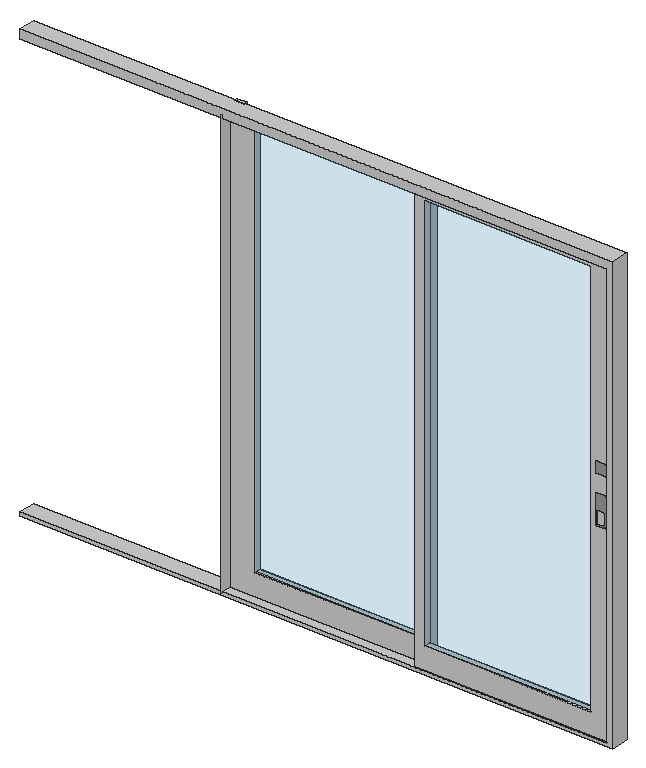
Revit family "Door-Slider-Pocket-Fleetwood-3070-PXX", category Doors, host Wall, Revit 2013
Parameters (values of type "Archetype Hardware - 3.5" Sightline Extender")
  Wall_Thickness [instance] = 12"
  URL = "www.fleetwoodusa.com"
  Thickness = 3.816"  # constant formula
  Shim_Space = 0.25"
  Rough Width = Width + 0.25" + Shim_Space  # 131"
  Rough Height = Height + Shim_Space  # 96.25"
  Pocket_Width = (roundup(((if(not(Panel_Width_1 < Panel_Width_2), Panel_Width_1, Panel_Width_2) + 2.25") * 4) / 1") * 1") / 4  # 46.75"
  Panel_Width_2 = if(Equal_Centerlines, ((Daylight_Opening / 2) + 3.111"), if(Equal Glass Sizes, (((Daylight_Opening - 7.7655") / 2) + 6.273"), Daylight_Opening - Custom_CL_1 + 3.111"))  # 44.39025"
  Panel_Width_1 = if(Equal_Centerlines, ((Daylight_Opening / 2) + 0.0645"), if(Equal Glass Sizes, (((Daylight_Opening - 7.7655") / 2) + 4.668"), Custom_CL_1 + 0.0645"))  # 42.78525"
  Model = "3070"
  Manufacturer = "Fleetwood Windows and Doors"
  Interior Wrap Overhang = 0.375"
  Hardware = Stainless Steel, Brushed
  Glazing = Glass
  Frame_&_Panel = Aluminum, Anodized Clear
  Equal_Centerlines = no
  Equal Glass Sizes = if(or(Equal_Centerlines, Custom_Centerlines), 1 > 2, 1 < 2)  # yes
  Daylight_Opening = 84"
  Exterior Wrap Overhang = 0.5"
  Frame_Set_Back [instance] = (Wall_Thickness - Thickness) / 2  # 4.092"
  Function = Exterior
  Height = 96"
  Wall Closure = By host
  Width = Daylight_Opening + Pocket_Width - 0.25"  # 130.5"
  Custom_Centerlines = if(Custom_CL_1 > 6", 1 < 2, 1 > 2)  # no
  Custom_CL_1 = 0"
  Configuration = "PXX"
  Analytic Construction = "<None>"
  Actuator_Height = 53.75"
Reference planes (in)
  plane 1 "Center (Front/Back)": y = 0
  plane 2 "Center (Left/Right)": x = -24
  plane 3 "Right": x = 18.25
  plane 4 "Top": z = 96.25
  plane 5 "Exterior": y = 6
  plane 6 "Interior": y = -6
  plane 7 "Exterior Wrap Depth": y = 1.908
  plane 8 "Right Frame": x = 18
  plane 9 "Exerier Wrap Left": x = -66
  plane 10 "Exterior Wrap Right": x = 17.5
  plane 11 "Exterior Wrap Top": z = 95.75
  plane 12 "Interior Wrap Right": x = 17.875
  plane 13 "Interior Wrap Top": z = 95.875
  plane 14 "Frame Top": z = 96
  plane 15: z = 0.302
  plane 16: y = 10
  plane 17: x = -112.75
  plane 18: z = 94.074
  plane 19: x = 16.657
  plane 20: z = 0.71
  plane 21: x = -112.5
  plane 22: x = 17.02747
  plane 23: z = 94.7725
  plane 24 "pocket_closer": x = -68.074
  plane 25: y = 0.954
  plane 26: y = -0.954
  plane 27: y = 0.954
Forms (in)
  Extrusion 1, void
    sketch origin (0, 0, 0) x (1, 0, 0) y (0, 1, 0)
      loop
        line (-66, 6) -> (-66, 1.908) -> (17.5, 1.908) -> (17.5, 6) -> (-66, 6)
    from 0 to 95.75
  Extrusion 2, void
    sketch origin (0, 0, 0) x (1, 0, 0) y (0, 1, 0)
      loop
        line (-66, 1.908) -> (-66, -1.908) -> (18.25, -1.908) -> (18.25, 1.908) -> (-66, 1.908)
    from 0 to 96.25
  Extrusion 3, void
    sketch origin (0, 0, 0) x (1, 0, 0) y (0, 1, 0)
      loop
        line (-66, -1.908) -> (-66, -6) -> (17.875, -6) -> (17.875, -1.908) -> (-66, -1.908)
    from 0 to 95.875
  Extrusion 4, void
    sketch origin (0, 0, 0) x (1, 0, 0) y (0, 1, 0)
      loop
        line (-112.75, 2.283) -> (-112.75, -2.283) -> (-66, -2.283) -> (-66, 2.283) -> (-112.75, 2.283)
    from 0 to 96.25
  Extrusion 5, solid, material "Aluminum, Anodized Clear" <- "Frame_&_Panel"
    sketch origin (0, 1.908, 0) x (1, 0, 0) y (0, 0, 1)
      loop
        line (-112.5, 94.074) -> (16.657, 94.074) -> (16.657, 0.71) -> (-112.5, 0.71) -> (-112.5, 0) -> (18, 0) -> (18, 96) -> (-112.5, 96) -> (-112.5, 94.074)
    from 0 to 3.816
  Extrusion 6, solid, material "Aluminum, Anodized Clear" <- "Frame_&_Panel"
    sketch origin (0, 0, 0) x (1, 0, 0) y (0, 1, 0)
      loop
        line (-68.074, 2.30404) -> (-68.074, 1.66884) -> (-66, 1.66884) -> (-66, 2.30404) -> (-68.074, 2.30404)
    from 0 to 96
  Extrusion 7, solid, material "Aluminum, Anodized Clear" <- "Frame_&_Panel"
    sketch origin (-68.074, 14.0328, 48) x (0, 1, 0) y (0, 0, 1)
      loop
        line (-12.36395, 46.7725) -> (-16.1283, 46.7725) -> (-16.1283, -47.698) -> (-12.36395, -47.698) -> (-12.36395, 46.7725)
    from 0 to -0.0625
Lines and regions (in)
  symbolic lines, not visible
    curve 1: line (-41.80247, 12.37674, 0) -> (-29.80247, 12.37674, 0)
    curve 2: line (-33.80247, 10.37674, 0) -> (-29.80247, 12.37674, 0)
    curve 3: line (-33.80247, 14.37674, 0) -> (-29.80247, 12.37674, 0)
Text (in)
  text "Exterior" at (-132.91204, 28.8494, 0), in view "Ref. Level"
  text "Interior" at (-132.91204, -21.81055, 0), in view "Ref. Level"
  text "Exterior" at (0, 40.15149, 123.01588), in view "Right"
  text "Interior" at (0, -64.39139, 123.01588), in view "Right"
  text "Interior" at (0, -31.01599, 123.00693), in view "Left"
  text "Exterior" at (0, 54.57065, 123.00693), in view "Left"
Dimensions and locks (in)
  "Frame_Set_Back": plane 7 "Exterior Wrap Depth" to plane 5 "Exterior"
  "Exterior Wrap Overhang": plane 10 "Exterior Wrap Right" to plane 8 "Right Frame"
  "Exterior Wrap Overhang": plane 11 "Exterior Wrap Top" to plane 4 "Top"
  "Interior Wrap Overhang": plane 12 "Interior Wrap Right" to plane 3 "Right"
  "Interior Wrap Overhang": plane 13 "Interior Wrap Top" to plane 4 "Top"
  "Rough Height": level to plane 4 "Top"
  "Height": level to plane 14 "Frame Top"
  "Wall_Thickness": host wall to host wall
  locked: level to plane 15 at 0.302
  locked: plane 5 "Exterior" to plane 16 at 4
  "Daylight_Opening": plane 9 "Exerier Wrap Left" to plane 8 "Right Frame"
  "Shim_Space": plane 8 "Right Frame" to plane 3 "Right"
  locked: plane 7 "Exterior Wrap Depth" to Extrusion 4 sketch curve at 0.375
  "Pocket_Width": plane 17 to plane 9 "Exerier Wrap Left"
  locked: plane 18 to plane 14 "Frame Top" at 1.926
  locked: plane 19 to plane 8 "Right Frame" at 1.343
  locked: level to plane 20 at 0.71
  locked: plane 17 to plane 21 at 0.25
  locked: plane 22 to plane 8 "Right Frame" at 0.97253
  locked: plane 23 to plane 14 "Frame Top" at 1.2275
  locked: plane 24 "pocket_closer" to plane 9 "Exerier Wrap Left" at 2.074
  locked: plane 25 to plane 7 "Exterior Wrap Depth" at 0.954
  locked: plane 26 to plane 27 at 1.908
  equal spacing: plane 9 "Exerier Wrap Left", plane 2 "Center (Left/Right)", plane 8 "Right Frame"
  locked: Extrusion 6 sketch curve to Extrusion 6 sketch curve at 0.6352
  aligned and locked: plane 5 "Exterior" to host wall
  aligned and locked: host wall to plane 6 "Interior"
  aligned and locked: Extrusion 1 sketch curve to plane 7 "Exterior Wrap Depth"
  aligned and locked: plane 5 "Exterior" to Extrusion 1 sketch curve
  aligned and locked: plane 9 "Exerier Wrap Left" to Extrusion 1 sketch curve
  aligned and locked: plane 10 "Exterior Wrap Right" to Extrusion 1 sketch curve
  aligned and locked: Extrusion 1 to plane 11 "Exterior Wrap Top"
  aligned and locked: plane 3 "Right" to Extrusion 2 sketch curve
  aligned and locked: Extrusion 2 sketch curve to plane 7 "Exterior Wrap Depth"
  aligned and locked: Extrusion 2 to plane 4 "Top"
  aligned and locked: plane 12 "Interior Wrap Right" to Extrusion 3 sketch curve
  aligned and locked: Extrusion 3 sketch curve to plane 6 "Interior"
  aligned and locked: Extrusion 3 to plane 13 "Interior Wrap Top"
  aligned and locked: Extrusion 2 to plane 9 "Exerier Wrap Left"
  aligned and locked: Extrusion 4 sketch curve to plane 9 "Exerier Wrap Left"
  aligned and locked: Extrusion 4 to plane 4 "Top"
  aligned and locked: plane 17 to Extrusion 4
  aligned and locked: Extrusion 5 sketch curve to plane 21  (x2)
  aligned and locked: plane 8 "Right Frame" to Extrusion 5 sketch curve
  aligned and locked: level to Extrusion 5 sketch curve
  aligned and locked: Extrusion 5 sketch curve to plane 20
  aligned and locked: Extrusion 5 sketch curve to plane 19
  aligned and locked: plane 14 "Frame Top" to Extrusion 5 sketch curve
  aligned and locked: Extrusion 5 sketch curve to plane 18
  aligned and locked: nested 2 to plane 25
  aligned and locked: plane 24 "pocket_closer" to nested 2
  aligned and locked: plane 22 to nested 1
  aligned and locked: nested 1 to nested 3
  aligned and locked: nested 2 to nested 4
  aligned and locked: plane 23 to nested 1
  aligned and locked: plane 23 to nested 2
  aligned and locked: Extrusion 6 sketch curve to plane 9 "Exerier Wrap Left"
  aligned and locked: plane 24 "pocket_closer" to Extrusion 6 sketch curve
  aligned and locked: Extrusion 6 sketch curve to nested 2
  aligned and locked: Extrusion 6 to plane 14 "Frame Top"
  aligned and locked: Extrusion 7 sketch curve to plane 15
  aligned and locked: Extrusion 6 to Extrusion 7 sketch curve
  aligned and locked: Extrusion 7 sketch curve to plane 23
  aligned and locked: nested 1 to plane 26
Automatic sketch dimensions
  Extrusion 2 sketch curve to plane 9 "Exerier Wrap Left" = 0"
  Extrusion 3 sketch curve to plane 9 "Exerier Wrap Left" = 0"
  Extrusion 4 sketch curve to plane 9 "Exerier Wrap Left" = 46.75"
  Extrusion 2 sketch curve to plane 26 = 0.954"
  Extrusion 3 sketch curve to plane 26 = 0.954"
  Extrusion 4 sketch curve to plane 26 = 1.329"
  Extrusion 7 sketch curve to plane 26 = 1.1415"
Nested families (in)
  nested 1: "3070_EX_Panel" at (-6.97253, -0.954, 0.302), Panel_Finish <- "Frame_&_Panel", Hardware_Finish <- "Hardware", Glazing_Material <- "Glazing", Actuator_Height <- "Actuator_Height", Panel_Width <- "Panel_Width_1", type "Active Lead Panel Left Archetype"
    with Panel_Width 42.78525", Panel_Height 94.4705", Panel_Finish Aluminum, Anodized Clear, Hardware_Finish Stainless Steel, Brushed, Glazing_Material Glass, Glass_Width 36.74245", Actuator_Height 53.75"
  nested 2: "3070_EX_Panel" at (-47.68375, 0.954, 0.302), Panel_Finish <- "Frame_&_Panel", Hardware_Finish <- "Hardware", Glazing_Material <- "Glazing", Actuator_Height <- "Actuator_Height", Panel_Width <- "Panel_Width_2", type "Pocket Panel 3.5" Sightline Extender"
    with Panel_Width 44.39025", Panel_Height 94.4705", Panel_Finish Aluminum, Anodized Clear, Hardware_Finish Stainless Steel, Brushed, Glazing_Material Glass, Glass_Width 36.74205", Actuator_Height 53.75"
  nested 3: "Arrow" at (-4.36516, 10, 0) x (-1, 0, 0) z (0, 0, 1), type "Arrow"
  nested 4: "Arrow" at (-45.87888, 10, 0) x (-1, 0, 0) z (0, 0, 1), type "Arrow"
Definition of nested family "3070_EX_Panel"
  Parameters (values of type "Pocket Panel 3.5"SL Right Archetype Narrow")
    Top_Rail = if(Bottom_Rail_As_Top, 5.14844", 1.46094")  # 1.46094"
    Stile_Condition = 6
    Sightline_Extender_Condition = 0
    Right_Stile = if(or(Archetype_Stile, Archetype_Inactive_Panel), 3.9688", if(or(Archetype_Narrow_Inactive_Panel, Archetype_Narrow_Stile), 2.9102", if(Narrow_Fixed_Stile, 1.0195", if(Stile_Condition = 10, 5.464", 2.074"))))  # 2.9102"
    Panel_Width [instance] = 48"
    Panel_Height [instance] = 84"
    Panel_Finish [instance] = none
    Narrow_Fixed_Stile = Stile_Condition = 3  # no
    Model = ""
    Manufacturer = "Fleetwood Windows And Doors"
    Left_Stile = if([1_Sightline_Extender], 3.0742", if([2.5_Sightline_Extender], 4.5742", if([3.5_Sightline_Extender], 5.5742", 2.074")))  # 5.5742"
    Hardware_Finish [instance] = none
    Glass_Width [instance] = Panel_Width - (Right_Stile + Left_Stile)  # 39.5156"
    Double_Arrow = no
    Arrow = yes
    Archetype_Narrow_Inactive_Panel = Stile_Condition = 9  # no
    Archetype_Narrow_Hardware_L = Stile_Condition = 7  # no
    Archetype_Narrow_Hardware = yes
    Archetype_Inactive_Panel = Stile_Condition = 8  # no
    Archetype_Flush_Pulls = no
    Glazing_Material [instance] = none
    Glass_Thickness = 1"
    Description = ""
    Bottom_Rail_As_Top = no
    Bottom_Rail = 5.14844"  # constant formula
    Archetype_Narrow_Stile = or(Stile_Condition = 2, Stile_Condition = 6, Stile_Condition = 7, Stile_Condition = 9)  # yes
    Archetype_Stile = or(Stile_Condition = 1, Stile_Condition = 4, Stile_Condition = 5, Stile_Condition = 8)  # no
    Archetype_Narrow_Hardware_R = Stile_Condition = 6  # yes
    Archetype_Hardware_Right = Stile_Condition = 5  # no
    Archetype_Hardware_Left = Stile_Condition = 4  # no
    Archetype_Actuator = or(Archetype_Hardware_Right, Archetype_Hardware_Left)  # no
    Actuator_Height [instance] = 53.75"
    3.5_Sightline_Extender = yes
    2.5_Sightline_Extender = no
    1_Sightline_Extender = no
  Types (26): name | Stile_Condition | Sightline_Extender_Condition | Right_Stile | Narrow_Fixed_Stile | Left_Stile | Glass_Width | Double_Arrow | Arrow | Archetype_Narrow_Inactive_Panel | Archetype_Narrow_Hardware_L | Archetype_Narrow_Hardware | Archetype_Inactive_Panel | Archetype_Flush_Pulls | Description | Archetype_Narrow_Stile | Archetype_Stile | Archetype_Narrow_Hardware_R | Archetype_Hardware_Right | Archetype_Hardware_Left | Archetype_Actuator | Actuator_Height | 3.5_Sightline_Extender | 2.5_Sightline_Extender | 1_Sightline_Extender
    Sliding Panel  Interlock and Interlock | 0 | 0 | 2.074" | no | 2.074" | 43.852" | yes | yes | no | no | no | no | no | "" | no | no | no | no | no | no | 53.75" | no | no | no
    Pocket Panel 1" Sightline Extender | 0 | 1 | 2.074" | no | 3.0742" | 42.8518" | no | yes | no | no | no | no | no | "" | no | no | no | no | no | no | 53.75" | no | no | yes
    Pocket Panel 2.5" Sightline Extender | 0 | 2 | 2.074" | no | 4.5742" | 41.3518" | no | yes | no | no | no | no | no | "" | no | no | no | no | no | no | 53.75" | no | yes | no
    Pocket Panel 3.5" Sightline Extender | 0 | 3 | 2.074" | no | 5.5742" | 40.3518" | no | yes | no | no | no | no | no | "" | no | no | no | no | no | no | 53.75" | yes | no | no
    Active Lead Panel Right Archetype | 5 | 0 | 3.9688" | no | 2.074" | 41.9572" | no | yes | no | no | no | no | yes | "Fleetwood Sliding Door Panel" | no | yes | no | yes | no | yes | 53.9375" | no | no | no
    Active Lead Panel Right Archetype Narrow | 6 | 0 | 2.9102" | no | 2.074" | 43.0158" | no | yes | no | no | yes | no | no | "" | yes | no | yes | no | no | no | 53.75" | no | no | no
    Fixed Panel Narrow Fixed Stile | 3 | 0 | 1.0195" | yes | 2.074" | 44.9065" | no | no | no | no | no | no | no | "" | no | no | no | no | no | no | 53.75" | no | no | no
    Fixed Panel Archetype Narrow Stile | 2 | 0 | 2.9102" | no | 2.074" | 43.0158" | no | no | no | no | no | no | no | "" | yes | no | no | no | no | no | 53.75" | no | no | no
    Fixed Panel Archetype Stile | 1 | 0 | 3.9688" | no | 2.074" | 41.9572" | no | no | no | no | no | no | no | "" | no | yes | no | no | no | no | 53.75" | no | no | no
    Active Lead Panel Left Archetype | 4 | 0 | 3.9688" | no | 2.074" | 41.9572" | no | yes | no | no | no | no | yes | "" | no | yes | no | no | yes | yes | 53.9375" | no | no | no
    Active Lead Panel Left Archetype Narrow | 7 | 0 | 2.9102" | no | 2.074" | 43.0158" | no | yes | no | yes | yes | no | no | "" | yes | no | no | no | no | no | 53.75" | no | no | no
    Archetype_Inactive_Panel | 8 | 0 | 3.9688" | no | 2.074" | 41.9572" | no | yes | no | no | no | yes | yes | "" | no | yes | no | no | no | no | 53.75" | no | no | no
    Archetype_Narrow_Inactive_Panel | 9 | 0 | 2.9102" | no | 2.074" | 43.0158" | no | yes | yes | no | yes | no | no | "" | yes | no | no | no | no | no | 53.75" | no | no | no
    Archetype_90_Degree_Stile | 10 | 0 | 5.464" | no | 2.074" | 40.462" | no | yes | no | no | no | no | yes | "" | no | no | no | no | no | no | 53.75" | no | no | no
    Pocket_Panel_1"SL_Left_Archetype | 4 | 0 | 3.9688" | no | 3.0742" | 40.957" | no | yes | no | no | no | no | yes | "" | no | yes | no | no | yes | yes | 53.9375" | no | no | yes
    Pocket_Panel_2.5"SL_Left Archetype | 4 | 0 | 3.9688" | no | 4.5742" | 39.457" | no | yes | no | no | no | no | yes | "" | no | yes | no | no | yes | yes | 53.9375" | no | yes | no
    Pocket_Panel_3.5"SL_Left_Archetype | 4 | 0 | 3.9688" | no | 5.5742" | 38.457" | no | yes | no | no | no | no | yes | "" | no | yes | no | no | yes | yes | 53.9375" | yes | no | no
    Pocket_Panel 1"SL Left Archetype Narrow | 7 | 0 | 2.9102" | no | 3.0742" | 42.0156" | no | yes | no | yes | yes | no | no | "" | yes | no | no | no | no | no | 53.75" | no | no | yes
    Pocket_Panel_2.5"SL Left Archetype Narrow | 7 | 0 | 2.9102" | no | 4.5742" | 40.5156" | no | yes | no | yes | yes | no | no | "" | yes | no | no | no | no | no | 53.75" | no | yes | no
    Pocket_Panel_3.5"SL Left Archetype Narrow | 7 | 0 | 2.9102" | no | 5.5742" | 39.5156" | no | yes | no | yes | yes | no | no | "" | yes | no | no | no | no | no | 53.75" | yes | no | no
    Pocket Panel 1"SL Right Archetype | 5 | 0 | 3.9688" | no | 3.0742" | 40.957" | no | yes | no | no | no | no | yes | "Fleetwood Sliding Door Panel" | no | yes | no | yes | no | yes | 53.9375" | no | no | yes
    Pocket Panel 2.5"SL Right Archetype | 5 | 0 | 3.9688" | no | 4.5742" | 39.457" | no | yes | no | no | no | no | yes | "Fleetwood Sliding Door Panel" | no | yes | no | yes | no | yes | 53.9375" | no | yes | no
    Pocket Panel 3.5 SL Right Archetype | 5 | 0 | 3.9688" | no | 5.5742" | 38.457" | no | yes | no | no | no | no | yes | "Fleetwood Sliding Door Panel" | no | yes | no | yes | no | yes | 53.9375" | yes | no | no
    Pocket Panel 1"SL Right Archetype Narrow | 6 | 0 | 2.9102" | no | 3.0742" | 42.0156" | no | yes | no | no | yes | no | no | "" | yes | no | yes | no | no | no | 53.75" | no | no | yes
    Pocket Panel 2.5" SL Right Archetype Narrow | 6 | 0 | 2.9102" | no | 4.5742" | 40.5156" | no | yes | no | no | yes | no | no | "" | yes | no | yes | no | no | no | 53.75" | no | yes | no
    Pocket Panel 3.5"SL Right Archetype Narrow | 6 | 0 | 2.9102" | no | 5.5742" | 39.5156" | no | yes | no | no | yes | no | no | "" | yes | no | yes | no | no | no | 53.75" | yes | no | no
  Reference planes (in)
    plane 1 "Center (Front/Back)": y = 0
    plane 2: z = 0
    plane 3 "Center (Left/Right)": x = 0
    plane 4: y = -0.71484
    plane 5: y = 0.71484
    plane 6: x = -24
    plane 7: x = 24
    plane 8: z = 84
    plane 9: z = 5.14844
    plane 10: z = 82.53906
    plane 11: x = 21.0898
    plane 12: x = -18.4258
    plane 13: y = 0.5
    plane 14: y = -0.5
    plane 15: z = 53.75
    plane 16: x = 23.3198
    plane 17: y = 0
    plane 18: x = 22.74609
    plane 19: x = -22.96289
    plane 20: z = 42
    plane 21: x = -6
    plane 22: x = 6
    plane 23: x = -2
    plane 24: x = 2
  Forms (in)
    Extrusion 1, solid, material <- "Panel_Finish"
      sketch origin (0, 0, 0) x (1, 0, 0) y (0, 0, 1)
        loop
          line (24, 84) -> (-24, 84) -> (-24, 0) -> (24, 0) -> (24, 84)
        loop
          line (-18.4258, 5.14844) -> (21.0898, 5.14844) -> (21.0898, 82.53906) -> (-18.4258, 82.53906) -> (-18.4258, 5.14844)
      from -0.71484 to 0.71484
    Extrusion 2, solid, material <- "Glazing_Material"
      sketch origin (0, 0, 0) x (1, 0, 0) y (0, 0, 1)
        loop
          line (-18.4258, 82.53906) -> (-18.4258, 5.14844) -> (21.0898, 5.14844) -> (21.0898, 82.53906) -> (-18.4258, 82.53906)
      from -0.5 to 0.5
  Lines and regions (in)
    Masking region 1
      outline origin (0, 0, 0) x (1, 0, 0) y (0, 1, 0)
        loop
          line (-24, 0.71484) -> (-24, -0.71484) -> (24, -0.71484) -> (24, 0.71484) -> (-24, 0.71484)
    symbolic lines, visible <- "Arrow"
      curve 1: line (6, -0.71484, 42) -> (-6, -0.71484, 42)
      curve 2: line (-2, -0.71484, 40) -> (-6, -0.71484, 42)
      curve 3: line (-2, -0.71484, 44) -> (-6, -0.71484, 42)
    symbolic lines, visible <- "Double_Arrow"
      curve 4: line (2, -0.71484, 40) -> (6, -0.71484, 42)
      curve 5: line (2, -0.71484, 44) -> (6, -0.71484, 42)
  Dimensions and locks (in)
    equal spacing: plane 4, plane 1 "Center (Front/Back)", plane 5
    locked: plane 4 to plane 5 at 1.42969
    equal spacing: plane 6, plane 3 "Center (Left/Right)", plane 7
    "Panel_Width": plane 6 to plane 7
    "Panel_Height": plane 8 to plane 2
    "Bottom_Rail": plane 9 to level
    "Right_Stile": plane 7 to plane 11
    "Left_Stile": plane 12 to plane 6
    "Top_Rail": plane 8 to plane 10
    equal spacing: plane 14, plane 1 "Center (Front/Back)", plane 13
    "Glass_Thickness": plane 14 to plane 13
    "Actuator_Height": plane 15 to level
    locked: plane 18 to plane 7 at 1.25391
    locked: plane 6 to plane 19 at 1.03711
    equal spacing: plane 8, plane 20, level
    plane 22 to plane 3 "Center (Left/Right)" to plane 21 = 6" locked, 6" locked
    locked: plane 23 to plane 21 at 4
    locked: plane 22 to plane 24 at 4
    curve 3 to plane 20 to curve 2 = 2" locked, 2" locked
    locked: plane 15 to nested 1 at 5
    locked: plane 16 to plane 11 at 2.23
    aligned and locked: plane 2 to level
    aligned and locked: plane 8 to Extrusion 1 sketch curve
    aligned and locked: plane 7 to Extrusion 1 sketch curve
    aligned and locked: Extrusion 1 sketch curve to plane 2
    aligned and locked: Extrusion 1 sketch curve to plane 6
    aligned and locked: Extrusion 1 sketch curve to plane 12
    aligned and locked: plane 10 to Extrusion 1 sketch curve
    aligned and locked: plane 11 to Extrusion 1 sketch curve
    aligned and locked: Extrusion 1 sketch curve to plane 9
    aligned and locked: Extrusion 1 to plane 5
    aligned and locked: plane 4 to Extrusion 1
    aligned and locked: Extrusion 2 sketch curve to plane 10
    aligned and locked: plane 12 to Extrusion 2 sketch curve
    aligned and locked: plane 9 to Extrusion 2 sketch curve
    aligned and locked: Extrusion 2 sketch curve to plane 11
    aligned and locked: Extrusion 2 to plane 13
    aligned and locked: plane 14 to Extrusion 2
    aligned and locked: plane 1 "Center (Front/Back)" to nested 1
    aligned and locked: plane 16 to nested 1
    aligned and locked: plane 15 to nested 2
    aligned and locked: plane 18 to nested 2
    aligned and locked: plane 1 "Center (Front/Back)" to nested 2
    aligned and locked: plane 5 to Masking region 1 sketch curve
    aligned and locked: plane 6 to Masking region 1 sketch curve
    aligned and locked: Masking region 1 sketch curve to plane 4
    aligned and locked: Masking region 1 sketch curve to plane 7
    aligned and locked: plane 21 to curve 2
    aligned and locked: curve 1 to curve 2
    aligned and locked: plane 20 to curve 1
    aligned and locked: plane 24 to curve 5
    aligned and locked: plane 24 to curve 4
    aligned and locked: plane 22 to curve 5
    aligned and locked: nested 3 to plane 15
    aligned and locked: plane 16 to nested 3
    aligned and locked: nested 3 to plane 1 "Center (Front/Back)"
    aligned and locked: nested 4 to plane 1 "Center (Front/Back)"
    aligned and locked: nested 4 to plane 16
    aligned and locked: plane 15 to nested 4
  Automatic sketch dimensions
    curve 2 to plane 23 = 0"
    curve 3 to plane 23 = 0"
    curve 4 to plane 20 = 2"
    plane 20 to curve 5 = 2"
  Nested families (in)
    nested 1: "Archetype_Flush_Pulls" at (23.3198, 0, 42.25), Finish <- "Hardware_Finish", visible <- "Archetype_Flush_Pulls", type "Archetype_Flush_Pulls"
      with Finish none
    nested 2: "Archetype_Narrow_Hardware" at (22.74609, 0, 53.75), Finish <- "Hardware_Finish", Left <- "Archetype_Narrow_Hardware_L", visible <- "Archetype_Narrow_Hardware", Right <- "Archetype_Narrow_Hardware_R", type "Archetype_Narrow_Hardware", detail levels fine
      with Right yes, Pulls_Only no, Left no, Finish none
    nested 3: "Archetype_Actuator" at (23.3198, 0, 53.75) x (1, 0, 0) z (0, -1, 0), Finish <- "Hardware_Finish", visible <- "Archetype_Hardware_Left", type "Archetype_Actuator", detail levels fine
      with Finish none
    nested 4: "Archetype_Actuator" at (23.3198, 0, 53.75) x (1, 0, 0) z (0, 1, 0), Finish <- "Hardware_Finish", visible <- "Archetype_Hardware_Right", type "Archetype_Actuator", detail levels fine
      with Finish none
  Definition of nested family "Archetype_Flush_Pulls"
    Parameters (values of type "Archetype_Flush_Pulls")
      Finish [instance] = none
    Reference planes (in)
      plane 1 "Center (Front/Back)": y = 0
      plane 2: z = 0
      plane 3 "Center (Left/Right)": x = 0
      plane 4: z = 6.5
      plane 5: z = 0.27344
      plane 6: z = 3.07422
      plane 7: y = -0.80469
      plane 8: y = 0.80469
      plane 9: y = -0.80469
      plane 10: x = 1.1875
      plane 11: x = -1.1875
      plane 12: x = 0.91406
      plane 13: x = -0.91406
      plane 14 "ext": y = -0.80469
      plane 15 "int": y = 0.80469
      plane 16: z = 6.21875
      plane 17: z = 3.35547
    Forms (in)
      Extrusion 1, solid, material <- "Finish", detail levels fine
        sketch origin (0, 0, 0) x (1, 0, 0) y (0, 0, 1)
          loop
            arc (-0.9375, 6.5) -> (-1.11428, 6.42678) -> (-1.1875, 6.25) r 0.25
            line (-1.1875, 6.25) -> (-1.1875, 0.25)
            arc (-1.1875, 0.25) -> (-1.11428, 0.07322) -> (-0.9375, 0) r 0.25
            line (-0.9375, 0) -> (0.9375, 0)
            arc (0.9375, 0) -> (1.11428, 0.07322) -> (1.1875, 0.25) r 0.25
            line (1.1875, 0.25) -> (1.1875, 6.25)
            arc (1.1875, 6.25) -> (1.11428, 6.42678) -> (0.9375, 6.5) r 0.25
            line (0.9375, 6.5) -> (-0.9375, 6.5)
        from -0.80469 to 0.80469
      Extrusion 2, void
        sketch origin (0, -0.80469, 0) x (-1, 0, 0) y (0, 0, 1)
          loop
            line (0.78906, 3.07422) -> (-0.78906, 3.07422)
            arc (-0.78906, 3.07422) -> (-0.87745, 3.03761) -> (-0.91406, 2.94922) r 0.125
            line (-0.91406, 2.94922) -> (-0.91406, 0.39844)
            arc (-0.91406, 0.39844) -> (-0.87745, 0.31005) -> (-0.78906, 0.27344) r 0.125
            line (-0.78906, 0.27344) -> (0.78906, 0.27344)
            arc (0.78906, 0.27344) -> (0.87745, 0.31005) -> (0.91406, 0.39844) r 0.125
            line (0.91406, 0.39844) -> (0.91406, 2.94922)
            arc (0.91406, 2.94922) -> (0.87745, 3.03761) -> (0.78906, 3.07422) r 0.125
        from 0 to 1
      Extrusion 3, void
        sketch origin (0, 0.80469, 0) x (-1, 0, 0) y (0, 0, 1)
          loop
            arc (-0.78906, 6.21875) -> (-0.87745, 6.18214) -> (-0.91406, 6.09375) r 0.125
            line (-0.91406, 6.09375) -> (-0.91406, 3.48047)
            arc (-0.91406, 3.48047) -> (-0.87745, 3.39208) -> (-0.78906, 3.35547) r 0.125
            line (-0.78906, 3.35547) -> (0.78906, 3.35547)
            arc (0.78906, 3.35547) -> (0.87745, 3.39208) -> (0.91406, 3.48047) r 0.125
            line (0.91406, 3.48047) -> (0.91406, 6.09375)
            arc (0.91406, 6.09375) -> (0.87745, 6.18214) -> (0.78906, 6.21875) r 0.125
            line (0.78906, 6.21875) -> (-0.78906, 6.21875)
        from 0 to -1
    Cuts and joins
      Extrusion 2, Extrusion 3 cuts Extrusion 1
    Dimensions and locks (in)
      locked: plane 4 to level at 6.5
      locked: plane 11 to plane 10 at 2.375
      locked: plane 12 to plane 10 at 0.27344
      locked: plane 11 to plane 13 at 0.27344
      locked: plane 6 to plane 5 at 2.80078
      equal spacing: plane 15 "int", plane 1 "Center (Front/Back)", plane 14 "ext"
      locked: plane 15 "int" to plane 14 "ext" at 1.60938
      locked: plane 5 to level at 0.27344
      locked: plane 4 to plane 16 at 0.28125
      locked: plane 17 to plane 6 at 0.28125
      aligned and locked: plane 2 to level
      aligned and locked: Extrusion 2 sketch curve to plane 6
      aligned and locked: plane 12 to Extrusion 2 sketch curve
      aligned and locked: plane 5 to Extrusion 2 sketch curve
      aligned and locked: Extrusion 2 sketch curve to plane 13
      aligned and locked: plane 12 to Extrusion 3 sketch curve
      aligned and locked: Extrusion 3 sketch curve to plane 16
      aligned and locked: Extrusion 3 sketch curve to plane 13
      aligned and locked: plane 17 to Extrusion 3 sketch curve
    Automatic sketch dimensions
      plane 11 to Extrusion 1 sketch curve = 0"
      Extrusion 1 sketch curve to level = 0"
      Extrusion 1 sketch curve to plane 4 = 0"
      plane 10 to Extrusion 1 sketch curve = 0"
      Extrusion 1 sketch curve to plane 5 = 0.02344"
      plane 13 to Extrusion 1 sketch curve = 0.02344"
      Extrusion 1 sketch curve to plane 12 = 0.02344"  (x2)
      plane 12 to Extrusion 2 sketch curve = 0.125"  (x2)
      Extrusion 2 sketch curve to plane 13 = 0.125"  (x2)
      plane 12 to Extrusion 3 sketch curve = 0.125"  (x2)
      Extrusion 3 sketch curve to plane 13 = 0.125"  (x2)
  Definition of nested family "Archetype_Narrow_Hardware"
    Parameters (values of type "Archetype_Narrow_Hardware")
      Right [instance] = no
      Pulls_Only [instance] = if(or(Right, Left), 1 > 2, 1 < 2)  # yes
      Left [instance] = no
      Finish [instance] = none
    Reference planes (in)
      plane 1 "Center (Front/Back)": y = 0
      plane 2 "Actuator_Height": z = 0
      plane 3 "Center (Left/Right)": x = 0
      plane 4 "ext": y = 0.78906
      plane 5 "int": y = -0.78906
      plane 6: x = -0.6875
      plane 7: x = 0.6875
      plane 8: z = -1.75
      plane 9: z = 2.8125
      plane 10: z = 2.60547
      plane 11: x = 0.48047
      plane 12: x = -0.48047
      plane 13: z = -1.54297
      plane 14: z = 0.1875
      plane 15: z = -0.1875
      plane 16: z = 1.32031
      plane 17: z = 0
    Forms (in)
      Extrusion 1, solid, material <- "Finish", detail levels fine
        sketch origin (0, 0, 0) x (1, 0, 0) y (0, 0, 1)
          loop
            arc (-0.5625, 2.8125) -> (-0.65089, 2.77589) -> (-0.6875, 2.6875) r 0.125
            line (-0.6875, 2.6875) -> (-0.6875, -1.625)
            arc (-0.6875, -1.625) -> (-0.65089, -1.71339) -> (-0.5625, -1.75) r 0.125
            line (-0.5625, -1.75) -> (0.5625, -1.75)
            arc (0.5625, -1.75) -> (0.65089, -1.71339) -> (0.6875, -1.625) r 0.125
            line (0.6875, -1.625) -> (0.6875, 2.6875)
            arc (0.6875, 2.6875) -> (0.65089, 2.77589) -> (0.5625, 2.8125) r 0.125
            line (0.5625, 2.8125) -> (-0.5625, 2.8125)
        from -0.78906 to 0.78906
    Lines and regions (in)
      model lines, detail levels fine
        curve 1: line (0.5625, -0.78906, 2.8125) -> (-0.5625, -0.78906, 2.8125)
        curve 2: arc (0.6875, -0.78906, 2.6875) -> (0.65089, -0.78906, 2.77589) -> (0.5625, -0.78906, 2.8125) r 0.125
        curve 3: line (0.6875, -0.78906, -1.625) -> (0.6875, -0.78906, 2.6875)
        curve 4: arc (0.5625, -0.78906, -1.75) -> (0.65089, -0.78906, -1.71339) -> (0.6875, -0.78906, -1.625) r 0.125
        curve 5: line (-0.5625, -0.78906, -1.75) -> (0.5625, -0.78906, -1.75)
        curve 6: arc (-0.6875, -0.78906, -1.625) -> (-0.65089, -0.78906, -1.71339) -> (-0.5625, -0.78906, -1.75) r 0.125
        curve 7: line (-0.6875, -0.78906, 2.6875) -> (-0.6875, -0.78906, -1.625)
        curve 8: arc (-0.5625, -0.78906, 2.8125) -> (-0.65089, -0.78906, 2.77589) -> (-0.6875, -0.78906, 2.6875) r 0.125
        curve 9: line (-0.38672, -0.78906, 2.60547) -> (0.38672, -0.78906, 2.60547)
        curve 10: line (-0.48047, -0.78906, -1.44922) -> (-0.48047, -0.78906, 2.51172)
        curve 11: line (0.38672, -0.78906, -1.54297) -> (-0.38672, -0.78906, -1.54297)
        curve 12: line (0.48047, -0.78906, 2.51172) -> (0.48047, -0.78906, -1.44922)
        curve 13: arc (-0.48047, -0.78906, 2.51172) -> (-0.45301, -0.78906, 2.57801) -> (-0.38672, -0.78906, 2.60547) r 0.09375
        curve 14: arc (0.38672, -0.78906, 2.60547) -> (0.45301, -0.78906, 2.57801) -> (0.48047, -0.78906, 2.51172) r 0.09375
        curve 15: arc (0.48047, -0.78906, -1.44922) -> (0.45301, -0.78906, -1.51551) -> (0.38672, -0.78906, -1.54297) r 0.09375
        curve 16: arc (-0.38672, -0.78906, -1.54297) -> (-0.45301, -0.78906, -1.51551) -> (-0.48047, -0.78906, -1.44922) r 0.09375
        curve 17: line (0.5625, 0.78906, 2.8125) -> (-0.5625, 0.78906, 2.8125)
        curve 18: arc (0.6875, 0.78906, 2.6875) -> (0.65089, 0.78906, 2.77589) -> (0.5625, 0.78906, 2.8125) r 0.125
        curve 19: line (0.6875, 0.78906, -1.625) -> (0.6875, 0.78906, 2.6875)
        curve 20: arc (0.5625, 0.78906, -1.75) -> (0.65089, 0.78906, -1.71339) -> (0.6875, 0.78906, -1.625) r 0.125
        curve 21: line (-0.5625, 0.78906, -1.75) -> (0.5625, 0.78906, -1.75)
        curve 22: arc (-0.6875, 0.78906, -1.625) -> (-0.65089, 0.78906, -1.71339) -> (-0.5625, 0.78906, -1.75) r 0.125
        curve 23: line (-0.6875, 0.78906, 2.6875) -> (-0.6875, 0.78906, -1.625)
        curve 24: arc (-0.5625, 0.78906, 2.8125) -> (-0.65089, 0.78906, 2.77589) -> (-0.6875, 0.78906, 2.6875) r 0.125
        curve 25: line (-0.38672, 0.78906, 2.60547) -> (0.38672, 0.78906, 2.60547)
        curve 26: line (-0.48047, 0.78906, -1.44922) -> (-0.48047, 0.78906, 2.51172)
        curve 27: line (0.38672, 0.78906, -1.54297) -> (-0.38672, 0.78906, -1.54297)
        curve 28: line (0.48047, 0.78906, 2.51172) -> (0.48047, 0.78906, -1.44922)
        curve 29: arc (-0.48047, 0.78906, 2.51172) -> (-0.45301, 0.78906, 2.57801) -> (-0.38672, 0.78906, 2.60547) r 0.09375
        curve 30: arc (0.38672, 0.78906, 2.60547) -> (0.45301, 0.78906, 2.57801) -> (0.48047, 0.78906, 2.51172) r 0.09375
        curve 31: arc (0.48047, 0.78906, -1.44922) -> (0.45301, 0.78906, -1.51551) -> (0.38672, 0.78906, -1.54297) r 0.09375
        curve 32: arc (-0.38672, 0.78906, -1.54297) -> (-0.45301, 0.78906, -1.51551) -> (-0.48047, 0.78906, -1.44922) r 0.09375
      model lines, visible <- "Left", detail levels fine
        curve 33: line (0.48047, 0.78906, 1.32031) -> (-0.48047, 0.78906, 1.32031)
        curve 34: line (-0.48047, 0.78906, 0.1875) -> (0.48047, 0.78906, 0.1875)
        curve 35: line (0.48047, 0.78906, -0.1875) -> (-0.48047, 0.78906, -0.1875)
      model lines, visible <- "Right", detail levels fine
        curve 36: line (0.48047, -0.78906, 1.32031) -> (-0.48047, -0.78906, 1.32031)
        curve 37: line (-0.48047, -0.78906, 0.1875) -> (0.48047, -0.78906, 0.1875)
        curve 38: line (0.48047, -0.78906, -0.1875) -> (-0.48047, -0.78906, -0.1875)
    Dimensions and locks (in)
      equal spacing: plane 5 "int", plane 1 "Center (Front/Back)", plane 4 "ext"
      plane 5 "int" to plane 4 "ext" = 1.57812"
      equal spacing: plane 6, plane 3 "Center (Left/Right)", plane 7
      locked: plane 6 to plane 7 at 1.375
      locked: level to plane 8 at 1.75
      locked: plane 9 to level at 2.8125
      locked: plane 9 to plane 10 at 0.20703
      locked: plane 13 to plane 8 at 0.20703
      locked: plane 7 to plane 11 at 0.20703
      locked: plane 12 to plane 6 at 0.20703
      plane 15 to level to plane 14 to plane 16 = 0.1875" locked, 0.1875" locked, 1.13281" locked
      aligned and locked: plane 2 "Actuator_Height" to level
      aligned and locked: Extrusion 1 sketch curve to plane 9
      aligned and locked: Extrusion 1 sketch curve to plane 7
      aligned and locked: plane 6 to Extrusion 1 sketch curve
      aligned and locked: plane 8 to Extrusion 1 sketch curve
      aligned and locked: plane 5 "int" to Extrusion 1
      aligned and locked: Extrusion 1 to plane 4 "ext"
      aligned and locked: curve 2 to Extrusion 1
      aligned and locked: curve 4 to Extrusion 1
      aligned and locked: curve 6 to Extrusion 1
      aligned and locked: curve 8 to Extrusion 1
      aligned and locked: curve 9 to plane 10
      aligned and locked: curve 12 to plane 11
      aligned and locked: plane 13 to curve 11
      aligned and locked: plane 12 to curve 10
      aligned and locked: plane 10 to curve 25
      aligned and locked: curve 17 to plane 9
      aligned and locked: plane 8 to curve 21
      aligned and locked: curve 27 to plane 13
      aligned and locked: plane 6 to curve 23
      aligned and locked: curve 19 to plane 7
      aligned and locked: plane 11 to curve 33
      aligned and locked: plane 12 to curve 34
      aligned and locked: plane 11 to curve 35
      aligned and locked: plane 12 to curve 35
      aligned and locked: curve 33 to plane 16
      aligned and locked: plane 14 to curve 34
      aligned and locked: curve 35 to plane 15
      aligned and locked: plane 11 to curve 36
      aligned and locked: plane 12 to curve 36
      aligned and locked: plane 15 to curve 38
      aligned and locked: curve 37 to plane 14
      aligned and locked: plane 16 to curve 36
      aligned and locked: plane 2 "Actuator_Height" to plane 17
    Automatic sketch dimensions
      plane 8 to Extrusion 1 sketch curve = 0.125"
      plane 6 to Extrusion 1 sketch curve = 0.125"
      Extrusion 1 sketch curve to plane 7 = 0.125"  (x2)
      curve 21 to plane 12 = 0.08203"
      curve 19 to plane 13 = 0.08203"
      curve 17 to plane 12 = 0.08203"
      plane 12 to curve 25 = 0.09375"
      plane 12 to curve 27 = 0.09375"
      curve 27 to plane 11 = 0.09375"
      curve 25 to plane 11 = 0.09375"
      plane 11 to curve 17 = 0.08203"
      plane 12 to curve 9 = 0.09375"
      plane 13 to curve 12 = 0.09375"
      plane 12 to curve 11 = 0.09375"
      curve 9 to plane 11 = 0.09375"
  Definition of nested family "Archetype_Actuator"
    Parameters (values of type "Archetype_Actuator")
      Finish [instance] = none
    Reference planes (in)
      plane 1 "Center (Front/Back)": y = 0
      plane 2: z = 0
      plane 3 "Center (Left/Right)": x = 0
      plane 4: y = 1.1875
      plane 5: y = -1.1875
      plane 6: x = -1.1875
      plane 7: x = 1.1875
      plane 8: x = 0.91016
      plane 9: x = -0.91016
      plane 10: y = 0.91016
      plane 11: y = -0.91016
    Forms (in)
      Extrusion 1, solid, material <- "Finish"
        sketch origin (0, 0, 0) x (1, 0, 0) y (0, 1, 0)
          loop
            arc (-0.9375, 1.1875) -> (-1.11428, 1.11428) -> (-1.1875, 0.9375) r 0.25
            line (-1.1875, 0.9375) -> (-1.1875, -0.9375)
            arc (-1.1875, -0.9375) -> (-1.11428, -1.11428) -> (-0.9375, -1.1875) r 0.25
            line (-0.9375, -1.1875) -> (0.9375, -1.1875)
            arc (0.9375, -1.1875) -> (1.11428, -1.11428) -> (1.1875, -0.9375) r 0.25
            line (1.1875, -0.9375) -> (1.1875, 0.9375)
            arc (1.1875, 0.9375) -> (1.11428, 1.11428) -> (0.9375, 1.1875) r 0.25
            line (0.9375, 1.1875) -> (-0.9375, 1.1875)
        from 0 to 0.80469
    Dimensions and locks (in)
      aligned and locked: plane 2 to level
Definition of nested family "Arrow"
  Parameters (values of type "Arrow")
    Analytic Construction = "<None>"
  Reference planes (in)
    plane 1: y = 0
    plane 2: z = 0
    plane 3: x = 0
  Lines and regions (in)
    symbolic lines
      curve 1: line (-6, 0, 0) -> (6, 0, 0)
      curve 2: line (2, -2, 0) -> (6, 0, 0)
      curve 3: line (2, 2, 0) -> (6, 0, 0)
